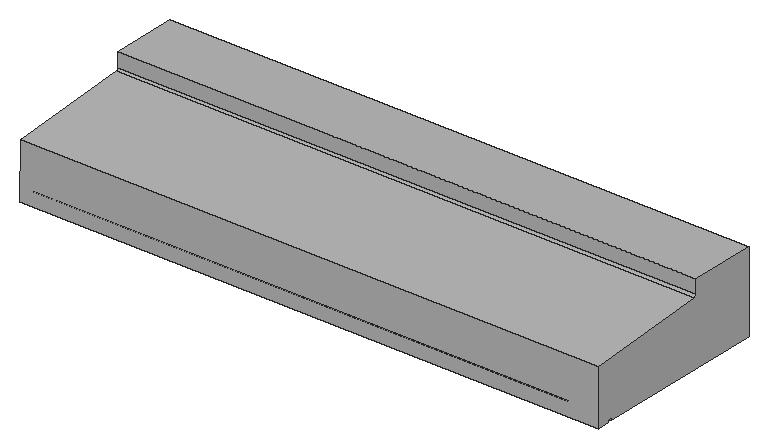
Revit family "A-Sill -S399", category Generic Models, Revit 2020
Family settings
  Can host rebar = No
  Round Connector Dimension = Use Diameter
  Part Type = Normal
  Work Plane-Based = No
  Always vertical = Yes
  Cut with Voids When Loaded = No
  Shared = No
  Room Calculation Point = No
Parameters
  Width of Seating = 113 mm
  Weight = "93Kg/m"
  Warranty Guarantor Parts = "n/a"
  Warranty Guarantor Labour = "n/a"
  Warranty Duration Unit = "n/a"
  Warranty Duration Parts = "n/a"
  Warranty Duration Labour = "n/a"
  Warranty Description = "n/a"
  URL = "www.killeshal.com"
  Types = "Single"
  Type Comments = "Visit our website for a full list of available products."
  Sustainability Performance = "n/a"
  Structural Class = "n/a"
  Span = "Ope Size + 205mm overhang."
  Slope = "0.00°"
  Size = "325mm x 140 to 100mm"
  Sill Width [instance] = 325 mm
  Sill Length [instance] = 1002 mm
  Sill Height [instance] = 140 mm
  Shape = "As per drawing"
  Service Life = "0.000000"
  Serial Number = "n/a"
  Resistance to Fire = "n/a"
  Replacement Cost = "n/a"
  Reference = "n/a"
  Notified Body = "n/a"
  Nominal Cover to Main Bar = "n/a"
  Model = "S/399 Sill"
  Mechanical Resistance = "n/a"
  Manufacturer = "Killeshal Precast Concrete Ltd."
  Load Bearing = no
  Life Cycle Environmental Load = "n/a"
  Length Options = "All sizes made to order."
  Keynote = "The information contained is the sole property of KPC Ltd., any reproduction in part or whole without permission of KPC Ltd. is prohibited."
  Front Face Dimension = 100 mm
  Environmental Product Declaration = "n/a"
  Environmental Class = "n/a"
  Durability against Corrosion = "n/a"
  Distance from Face to Seating = 212 mm
  Dimension Accuracy Class = "n/a"
  Detailing = "As per design specification and product drawings."
  Description = "Type A-Sill"
  Default Elevation = 0 mm
  Dangerous Substances = "n/a"
  Contact Tel = "0035357 9353018"
  Contact Email = "sales@killeshal.com"
  Construction Type = "Precast"
  Construction Tolerance Class = "n/a"
  Compressive Strength of Concrete = "n/a"
  Characteristics of Reinforcing Steel = "n/a"
  Characteristics Deflection Under Load = "n/a"
Reference planes
  plane 1 "Center (Front/Back)": y = 0
  plane 2: z = 0
  plane 3 "Center (Left/Right)": x = 0
  plane 4 "Rear": y = 162.5
  plane 5 "Front": y = -162.5
  plane 6 "Top": z = 140
  plane 7 "Center L/T": z = 100
  plane 8 "Center L/U": y = 49.5
  plane 9 "Center L/V": z = 115
Forms (mm)
  Extrusion 1, solid, material "Precast Concrete (KPC)"
    sketch origin (0, 0, 0) x (0, 1, 0) y (0, 0, 1)
      loop
        line (162.5, 0) -> (162.5, 140) -> (49.5, 140) -> (49.5, 115.563)
        arc (49.5, 115.563) -> (48.43, 112.84) -> (45.792, 111.574) r 4
        line (45.792, 111.574) -> (-162.5, 96.344) -> (-162.5, 0) -> (-142.5, 0)
        arc (-142.5, 0) -> (-137.5, 5) -> (-132.5, 0) r 5
        line (-132.5, 0) -> (162.5, 0)
    from 0 to 1002
Dimensions and locks
  "Sill Length": Extrusion 1 to Extrusion 1
  "Sill Width": Extrusion 1 to Extrusion 1
  plane 4 "Rear" to plane 8 "Center L/U" = 113 mm
  "Sill Height": Extrusion 1 to Extrusion 1
  plane 7 "Center L/T" to level = 100 mm
  plane 6 "Top" to plane 9 "Center L/V" = 25 mm
  aligned and locked: level to plane 2
Automatic sketch dimensions
  Extrusion 1 sketch curve to level = 0 mm
  Extrusion 1 sketch curve to plane 5 "Front" = 0 mm
  Extrusion 1 sketch curve to plane 8 "Center L/U" = 0 mm
  Extrusion 1 sketch curve to plane 4 "Rear" = 0 mm
  Extrusion 1 sketch curve to plane 6 "Top" = 0 mm
  plane 5 "Front" to Extrusion 1 sketch curve = 20 mm
  Extrusion 1 sketch curve to Extrusion 1 sketch curve = 5 mm
  plane 9 "Center L/V" to Extrusion 1 sketch curve = 0.563 mm
  Extrusion 1 sketch curve to Extrusion 1 sketch curve = 4 mm
  Extrusion 1 sketch curve to plane 9 "Center L/V" = 3.426 mm
  Extrusion 1 sketch curve to plane 7 "Center L/T" = 3.656 mm
